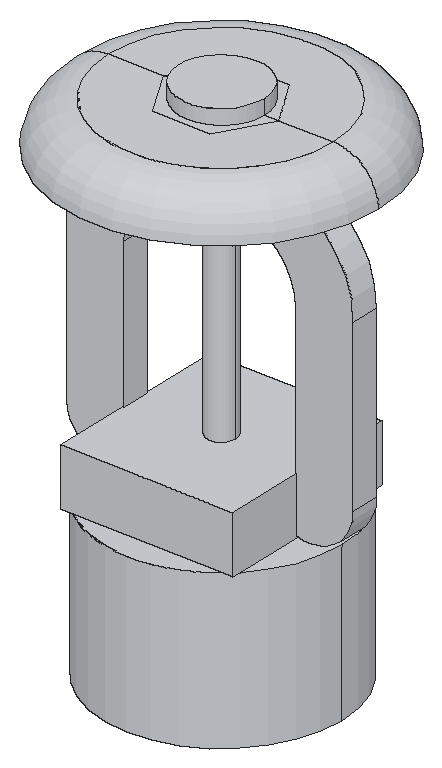
Revit family
Parameters (values of type "RASCO F1FR UPRIGHT")
  Temperature Rating = 200 °F
  Response = 1
  RASCO SIN # = "R3622"
  RASCO Part # = "F1FRU2LB"
  Pressure Rating = "175 PSI"
  Pressure Class = (empty or 0)
  Orifice Size = 17/32"
  Orifice = (empty or 0)
  Model = "F1FR"
  Manufacturer = "RASCO"
  K-Factor = 8
  Description = "Brz. Finish"
  Coverage = (empty or 0)
Reference planes (in)
  plane 1 "Center (Front/Back)": y = 0
  plane 2: z = 0
  plane 3 "Center (Left/Right)": x = 0
Dimensions and locks (in)
  aligned and locked: plane 2 to level
Nested families (in)
  nested 1: "F1FRU2LB" at (-0.07874, -0.30144, 0), type "RASCO F1FR UPRIGHT"
Connectors (in)
  piping at (-0.07874, -0.30144, 0)
    settings: on nested 1, index 1, connector radius 1/2", flow factor 0, pipe flow 0 GPM, pressure drop 0.00 psi, fitting loss kfactor 0, connector angle 0.00°, fixture units 0, flow configuration 0, flow direction 0, fitting loss method 0, system type 7, connector reference index -1, connector utility 0, adjustable connector no, is connector primary yes, fitting loss table "", connector description ""
Definition of nested family "F1FRU2LB"
  Parameters (values of type "RASCO F1FR UPRIGHT")
    Type Comments = ""
    Temperature Rating = 0 °F
    Response = (empty or 0)
    Pressure Rating = "0"
    Pressure Class = (empty or 0)
    Orifice Size = 0"
    Orifice = (empty or 0)
    Model = ""
    Manufacturer = ""
    K-Factor = 0
    Description = ""
    Coverage = (empty or 0)
    Assembly Code = ""
  Reference planes (in)
    plane 1 "Center (Front/Back)": y = 0
    plane 2: z = 0
    plane 3 "ref.2": z = 0.6875
    plane 4 "ref.3": z = 0.9375
    plane 5: x = -0.38065
    plane 6: x = 0.36935
    plane 7 "ref. side 1": y = 0.06402
    plane 8 "ref. side 2": y = -0.06098
    plane 9 "ref.4": z = 1.875
    plane 10 "ref.5": z = 2.3125
    plane 11 "ref.6": z = 2.4375
  Forms (in)
    Extrusion 1, solid
      sketch origin (0, 0, 0) x (1, 0, 0) y (0, 1, 0)
        loop
          circle (0, 0) r 0.5221
      from 0 to 0.6875
    Extrusion 2, solid
      sketch origin (-0.12185, 0.05177, 0.6875) x (1, 0, 0) y (0, 1, 0)
        loop
          line (-0.2588, 0.356) -> (-0.2588, -0.4565) -> (0.4912, -0.4565) -> (0.4912, 0.356) -> (-0.2588, 0.356)
      from 0 to 0.25
    Extrusion 3, solid
      sketch origin (0, 0, 0) x (1, 0, 0) y (0, 0, 1)
        loop
          line (-0.38065, 0.69674) -> (-0.38065, 1.58397)
          arc (-0.38065, 1.58397) -> (-0.29541, 1.78976) -> (-0.08962, 1.875) r 0.29103
          line (-0.08962, 1.875) -> (0.07524, 1.875)
          arc (0.07524, 1.875) -> (0.28321, 1.78886) -> (0.36935, 1.58089) r 0.29411
          line (0.36935, 1.58089) -> (0.36935, 0.69728)
          arc (0.36935, 0.69728) -> (0.54046, 0.72329) -> (0.61935, 0.87734) r 0.18984
          line (0.61935, 0.87734) -> (0.61935, 1.61676)
          arc (0.61935, 1.61676) -> (0.48879, 1.93194) -> (0.17361, 2.0625) r 0.44574
          line (0.17361, 2.0625) -> (-0.18509, 2.0625)
          arc (-0.18509, 2.0625) -> (-0.50015, 1.932) -> (-0.63065, 1.61694) r 0.44556
          line (-0.63065, 1.61694) -> (-0.63065, 0.87876)
          arc (-0.63065, 0.87876) -> (-0.55196, 0.72414) -> (-0.38065, 0.69674) r 0.19126
      from -0.06402 to 0.06098
    Extrusion 4, solid
      sketch origin (0, 0, 0.9375) x (-1, 0, 0) y (0, -1, 0)
        loop
          circle (0.00574, -0.00152) r 0.0625
      from 0 to 0.9375
    Extrusion 5, solid
      sketch origin (0, 0, 1.875) x (-1, 0, 0) y (0, -1, 0)
        loop
          circle (0.00574, -0.00152) r 0.1875
      from 0 to 0.4375
    Revolve 6, solid
      sketch origin (0, 0, -0.2777) x (1, 0, 0) y (0, 0, 1)
        loop
          line (-0.19324, 2.33367) -> (-0.19324, 2.52696) -> (-0.25733, 2.52696) -> (-0.49638, 2.52696)
          arc (-0.49638, 2.52696) -> (-0.63432, 2.47056) -> (-0.69321, 2.33367) r 0.19686
          line (-0.69321, 2.33367) -> (-0.19324, 2.33367)
        axis (-0.00574, 2.33367) -> (-0.00574, 2.52696)
      angle from 0 to 360
  Cuts and joins
    joined: Extrusion 1, Extrusion 2, Extrusion 4, Revolve 6
  Lines and regions (in)
    model lines
      curve 1: line (-0.00574, 0.06402, 1.875) -> (-0.00574, -0.06098, 1.875)
  Dimensions and locks (in)
    Extrusion 3 to Extrusion 3 = 0' - 1 1/4"
    Extrusion 5 to cut or joined group of Extrusion 1, Extrusion 2, Extrusion 4, Revolve 6 = 0' - 2 5/16"
